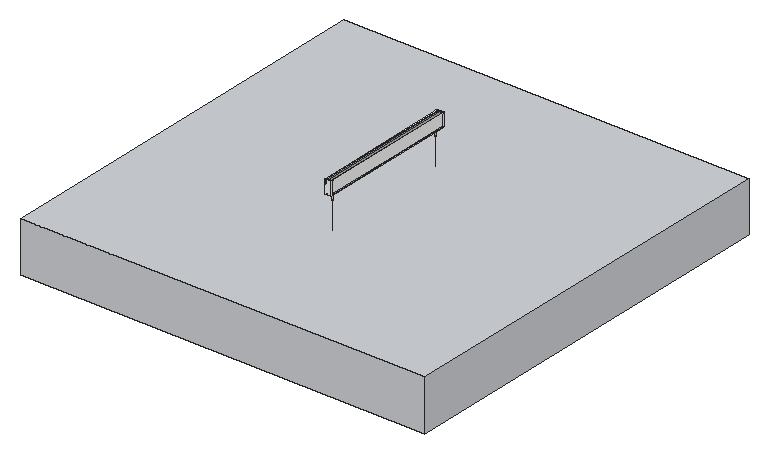
Revit family "LAMP_FIL 35 840MM D-I OPAL COMFORT", category Luminarias, Revit 2018
Family settings
  Anfitrión = Cara
  Cota de conector redondo = Diámetro de uso
  Tipo de pieza = Normal
  Corte con vacíos al cargar = No
  Origen de luz = Sí
  Compartido = No
  Punto de cálculo de habitación = No
Parameters (values of type "1584LM 3000K DALI BLACK")
  Ángulo de inclinación = -90.00°
  Weight = 1.97 kg
  Wattage = 10.14 W
  Type = "MID POWER TRIDONIC"
  built-in parameter 1150107 = 3000 (stored number, unit not read)
  NOT COVER 2 [instance] = not(END COVER 2)  # no
  NOT COVER 1 [instance] = not(END COVER 1)  # no
  Indirect light = LAMP_FIL 35 840MM D-I OPAL COMFORT_I : 3000K
  END COVER 2 [instance] = yes
  END COVER 1 [instance] = yes
  Suspension distance [instance] = if(Suspension > 4000 mm, 4000 mm, if(Suspension < 1 mm, 1 mm, Suspension))  # 200 mm
  Suspension [instance] = 200 mm
  built-in parameter 1150110 = 1 (stored number, unit not read)
  built-in parameter 1150109 = 1 (stored number, unit not read)
  built-in parameter 1150112 = 1 (stored number, unit not read)
  built-in parameter 1150113 = 1 (stored number, unit not read)
  built-in parameter 1114218 = 1 (stored number, unit not read)
  Protection rating = "IP20 / IK07"
  Product datasheet = "http://www.lamp.es/product-files/TECH/F31SF084LOIC830NB-EN.pdf"
  Product code = "F31SF084LOIC830NB"
  Product URL = "https://www.lamp.es/en/family/fil-35_413911"
  Power Supply = "220-240V 50/60Hz"
  Power = 14 W
  Plum = 16.9 W
  Photobiological risk = ""
  built-in parameter 1150137 = (empty or 0)
  built-in parameter 1150132 = 2
  Modelo = Product code  # "F31SF084LOIC830NB"
  Model Explanation = ""
  Material suspension = LAMP_Acero genérico
  Material perfil = LAMP_Aluminio Perfil Fil NG
  Material difusor = LAMP_PC Difusor Opal Fil
  Manufacturer name = "LAMP"
  Manufacturer country = "Spain"
  Manufacturer URL = "http://www.lamp.es/en"
  MacAdam = "3"
  Longitud de línea de emisión = 840 mm
  Last update = "14/05/2021"
  Lamp = "MID-POWER LED"
  LED Lifetime = "50.000 L90 B10"
  built-in parameter 1150105 = 367.07 (stored number, unit not read)
  built-in parameter 1150102 = (empty or 0)
  Insulation class = "I"
  Installation instructions = "https://www.lamp.es/product-files/INS/1004590-A%20INSTR.%20FIL35.pdf"
  built-in parameter 1150106 = 3.6707 (stored number, unit not read)
  IEE = "A+"
  Gear = "Electronic"
  Lumens = 950.118 lm
  Finish = "Matte black RAL 9011"
  Color Filter = 16777215
  built-in parameter 1114217 = 1 (stored number, unit not read)
  built-in parameter 1150139 = (empty or 0)
  Fabricante = Manufacturer name  # "LAMP"
  Default Elevation = 1219.2 mm
  built-in parameter 1150104 = 8.705 (stored number, unit not read)
  Efficacy = 93.7 lm/W
  Dimensions = "840x35x80"
  Descripción = "FIL35 SUR 840 2200 WW D/I COMF BK."
  built-in parameter 1150115 = 1 (stored number, unit not read)
  built-in parameter 1150114 = 1 (stored number, unit not read)
  built-in parameter 1150138 = (empty or 0)
  built-in parameter 1150134 = 3
  Dimming Lamp Color Temperature Shift = (empty or 0)
  CRI = "80"
  Archivo de red fotométrica = "F31SF084LOIC830NG_D.IES"
  built-in parameter 1150133 = 10 (stored number, unit not read)
Types (12, lengths in mm): name | built-in parameter 1150107 | Indirect light | Product datasheet | Product code | Modelo | Material perfil | built-in parameter 1150105 | built-in parameter 1150106 | Lumens | Finish | built-in parameter 1150104 | Efficacy | Descripción | Archivo de red fotométrica
  1584LM 3000K DALI BLACK | 3000 (stored number, unit not read) | LAMP_FIL 35 840MM D-I OPAL COMFORT_I : 3000K | "http://www.lamp.es/product-files/TECH/F31SF084LOIC830NB-EN.pdf" | "F31SF084LOIC830NB" | "F31SF084LOIC830NB" | LAMP_Aluminio Perfil Fil NG | 367.07 (stored number, unit not read) | 3.6707 (stored number, unit not read) | 950.118 lm | "Matte black RAL 9011" | 8.705 (stored number, unit not read) | 93.7 lm/W | "FIL35 SUR 840 2200 WW D/I COMF BK." | "F31SF084LOIC830NG_D.IES"
  1584LM 3000K DALI GREY | 3000 (stored number, unit not read) | LAMP_FIL 35 840MM D-I OPAL COMFORT_I : 3000K | "http://www.lamp.es/product-files/TECH/F31SF084LOIC830NG-EN.pdf" | "F31SF084LOIC830NG" | "F31SF084LOIC830NG" | LAMP_Aluminio Perfil Fil GR | 367.07 (stored number, unit not read) | 3.6707 (stored number, unit not read) | 950.118 lm | "Gloss grey" | 8.705 (stored number, unit not read) | 93.7 lm/W | "FIL35 SUR 840 2200 WW D/I COMF GR." | "F31SF084LOIC830NG_D.IES"
  1584LM 3000K DALI WHITE | 3000 (stored number, unit not read) | LAMP_FIL 35 840MM D-I OPAL COMFORT_I : 3000K | "http://www.lamp.es/product-files/TECH/F31SF084LOIO830DB-EN.pdf" | "F31SF084LOIO830DB" | "F31SF084LOIO830DB" | LAMP_Aluminio Perfil Fil BL | 367.07 (stored number, unit not read) | 3.6707 (stored number, unit not read) | 950.118 lm | "Matte black RAL 9011" | 8.705 (stored number, unit not read) | 99 lm/W | "FIL35 SUR 840 2200 WW D/I OPAL DALI BK." | "F31SF084LOIC830NG_D.IES"
  1673LM 3000K  BLACK | 3000 (stored number, unit not read) | LAMP_FIL 35 840MM D-I OPAL COMFORT_I : 3000K | "http://www.lamp.es/product-files/TECH/F31SF084LOIO830DG-EN.pdf" | "F31SF084LOIO830DG" | "F31SF084LOIO830DG" | LAMP_Aluminio Perfil Fil NG | 367.07 (stored number, unit not read) | 3.6707 (stored number, unit not read) | 950.118 lm | "Gloss grey" | 8.705 (stored number, unit not read) | 99 lm/W | "FIL35 SUR 840 2200 WW D/I OPAL DALI GR." | "F31SF084LOIC830NG_D.IES"
  1673LM 3000K  GREY | 3000 (stored number, unit not read) | LAMP_FIL 35 840MM D-I OPAL COMFORT_I : 3000K | "http://www.lamp.es/product-files/TECH/F31SF084LOIO830DW-EN.pdf" | "F31SF084LOIO830DW" | "F31SF084LOIO830DW" | LAMP_Aluminio Perfil Fil GR | 367.07 (stored number, unit not read) | 3.6707 (stored number, unit not read) | 950.118 lm | "Matte white RAL 9010" | 8.705 (stored number, unit not read) | 99 lm/W | "FIL35 SUR 840 2200 WW D/I OPAL DALI WH." | "F31SF084LOIC830NG_D.IES"
  1673LM 3000K  WHITE | 3000 (stored number, unit not read) | LAMP_FIL 35 840MM D-I OPAL COMFORT_I : 3000K | "http://www.lamp.es/product-files/TECH/F31SF084LOIO830NW-EN.pdf" | "F31SF084LOIO830NW" | "F31SF084LOIO830NW" | LAMP_Aluminio Perfil Fil BL | 367.07 (stored number, unit not read) | 3.6707 (stored number, unit not read) | 950.118 lm | "Matte white RAL 9010" | 8.705 (stored number, unit not read) | 99 lm/W | "FIL35 SUR 840 2200 WW D/I OPAL WH." | "F31SF084LOIC830NG_D.IES"
  1761LM 4000K DALI BLACK | 4000 (stored number, unit not read) | LAMP_FIL 35 840MM D-I OPAL COMFORT_I : 4000K | "http://www.lamp.es/product-files/TECH/F31SF084LOIO840DB-EN.pdf" | "F31SF084LOIO840DB" | "F31SF084LOIO840DB" | LAMP_Aluminio Perfil Fil NG | 408.21 (stored number, unit not read) | 4.0821 (stored number, unit not read) | 1056.59 lm | "Matte black RAL 9011" | 9.6805 (stored number, unit not read) | 104.2 lm/W | "FIL35 SUR 840 2200 NW D/I OPAL DALI BK." | "F31SF084LOIO840NB_D.IES"
  1761LM 4000K DALI GREY | 4000 (stored number, unit not read) | LAMP_FIL 35 840MM D-I OPAL COMFORT_I : 4000K | "http://www.lamp.es/product-files/TECH/F31SF084LOIO840DG-EN.pdf" | "F31SF084LOIO840DG" | "F31SF084LOIO840DG" | LAMP_Aluminio Perfil Fil GR | 408.21 (stored number, unit not read) | 4.0821 (stored number, unit not read) | 1056.59 lm | "Gloss grey" | 9.6805 (stored number, unit not read) | 104.2 lm/W | "FIL35 SUR 840 2200 NW D/I OPAL DALI GR." | "F31SF084LOIO840NB_D.IES"
  1761LM 4000K DALI WHITE | 4000 (stored number, unit not read) | LAMP_FIL 35 840MM D-I OPAL COMFORT_I : 4000K | "http://www.lamp.es/product-files/TECH/F31SF084LOIO840DW-EN.pdf" | "F31SF084LOIO840DW" | "F31SF084LOIO840DW" | LAMP_Aluminio Perfil Fil BL | 408.21 (stored number, unit not read) | 4.0821 (stored number, unit not read) | 1056.59 lm | "Matte white RAL 9010" | 9.6805 (stored number, unit not read) | 104.2 lm/W | "FIL35 SUR 840 2200 NW D/I OPAL DALI WH." | "F31SF084LOIO840NB_D.IES"
  1761LM 4000K  BLACK | 4000 (stored number, unit not read) | LAMP_FIL 35 840MM D-I OPAL COMFORT_I : 4000K | "http://www.lamp.es/product-files/TECH/F31SF084LOIO840NB-EN.pdf" | "F31SF084LOIO840NB" | "F31SF084LOIO840NB" | LAMP_Aluminio Perfil Fil NG | 408.21 (stored number, unit not read) | 4.0821 (stored number, unit not read) | 1056.59 lm | "Matte black RAL 9011" | 9.6805 (stored number, unit not read) | 104.2 lm/W | "FIL35 SUR 840 2200 NW D/I OPAL BK." | "F31SF084LOIO840NB_D.IES"
  1761LM 4000K  GREY | 4000 (stored number, unit not read) | LAMP_FIL 35 840MM D-I OPAL COMFORT_I : 4000K | "http://www.lamp.es/product-files/TECH/F31SF084LOIO840NG-EN.pdf" | "F31SF084LOIO840NG" | "F31SF084LOIO840NG" | LAMP_Aluminio Perfil Fil GR | 408.21 (stored number, unit not read) | 4.0821 (stored number, unit not read) | 1056.59 lm | "Gloss grey" | 9.6805 (stored number, unit not read) | 104.2 lm/W | "FIL35 SUR 840 2200 NW D/I OPAL GR." | "F31SF084LOIO840NB_D.IES"
  1761LM 4000K  WHITE | 4000 (stored number, unit not read) | LAMP_FIL 35 840MM D-I OPAL COMFORT_I : 4000K | "http://www.lamp.es/product-files/TECH/F31SF084LOIO840NW-EN.pdf" | "F31SF084LOIO840NW" | "F31SF084LOIO840NW" | LAMP_Aluminio Perfil Fil BL | 408.21 (stored number, unit not read) | 4.0821 (stored number, unit not read) | 1056.59 lm | "Matte white RAL 9010" | 9.6805 (stored number, unit not read) | 104.2 lm/W | "FIL35 SUR 840 2200 NW D/I OPAL WH." | "F31SF084LOIO840NB_D.IES"
Reference planes
  plane 1 "Centro (Frontal/Posterior)": y = 0
  plane 2: z = 0
  plane 3 "Centro (Izquierda/Derecha)": x = 0
Forms (mm)
  Extrusion 1, solid
    sketch origin (0, 0, 0) x (1, 0, 0) y (0, 1, 0)
      loop
        line (-1219.2, 1219.2) -> (-1219.2, -1219.2) -> (1219.2, -1219.2) -> (1219.2, 1219.2) -> (-1219.2, 1219.2)
    from 0 to -304.8
  Extrusion 2, solid, material "LAMP_Aluminio Perfil Fil NG" <- "Material perfil"
    sketch origin (0, 0, 0) x (1, 0, 0) y (0, 0, 1)
      loop
        arc (17.75, 285.7) -> (16.75, 286.7) -> (15.75, 285.7) r 1
        line (15.75, 285.7) -> (15.75, 284.2) -> (13.95, 284.2) -> (13.95, 259) -> (0, 259) -> (-13.95, 259) -> (-13.95, 284.2) -> (-15.75, 284.2) -> (-15.75, 285.7)
        arc (-15.75, 285.7) -> (-16.75, 286.7) -> (-17.75, 285.7) r 1
        line (-17.75, 285.7) -> (-17.75, 206.5) -> (-16.75, 206.5) -> (-16.75, 209.7) -> (-12.5, 209.7) -> (-12.5, 207.7) -> (-14.8, 207.7) -> (-13.6, 206.5) -> (-11, 206.5) -> (-11, 214.5) -> (0, 214.5) -> (11, 214.5) -> (11, 206.5) -> (13.6, 206.5) -> (14.8, 207.7) -> (12.5, 207.7) -> (12.5, 209.7) -> (16.75, 209.7) -> (16.75, 206.5) -> (17.75, 206.5) -> (17.75, 285.7)
    from -420 to 420
  Extrusion 3, solid, material "LAMP_Acero genérico" <- "Material suspension"
    sketch origin (0, 0, 0) x (1, 0, 0) y (0, 0, 1)
      loop
        line (-12.5, 201) -> (-15.291, 208.272) -> (-13.251, 209.7) -> (-14.251, 209.7) -> (-16.291, 208.272) -> (-13.116, 200) -> (0, 200) -> (13.116, 200) -> (16.291, 208.272) -> (14.251, 209.7) -> (13.251, 209.7) -> (15.291, 208.272) -> (12.5, 201) -> (0, 201) -> (-12.5, 201)
    from -400 to -378
  Extrusion 4, solid, material "LAMP_Acero genérico" <- "Material suspension"
    sketch origin (0, -24, 0) x (1, 0, 0) y (0, 1, 0)
      loop
        circle (0, -365) r 5
    from 163.2 to 200
  Extrusion 5, solid, material "LAMP_Acero genérico" <- "Material suspension"
    sketch origin (0, 24, 0) x (1, 0, 0) y (0, 1, 0)
      loop
        circle (0, 365) r 5
    from 163.2 to 200
  Extrusion 6, solid, material "LAMP_Acero genérico" <- "Material suspension"
    sketch origin (0, 0, 0) x (1, 0, 0) y (0, 1, 0)
      loop
        circle (0, -389) r 1
    from 0 to 163.2
  Extrusion 7, solid, material "LAMP_Acero genérico" <- "Material suspension"
    sketch origin (0, 0, 0) x (1, 0, 0) y (0, 1, 0)
      loop
        circle (0, 389) r 1
    from 0 to 163.2
  Extrusion 8, solid, material "LAMP_PC Difusor Opal Fil" <- "Material difusor"
    sketch origin (0, 0, -200) x (1, 0, 0) y (0, 0, 1)
      loop
        line (-15.75, 484.2) -> (0, 484.2) -> (15.75, 484.2) -> (15.75, 486.7) -> (0, 486.7) -> (-15.75, 486.7) -> (-15.75, 484.2)
    from 420 to -420
  Extrusion 9, solid, material "LAMP_Acero genérico" <- "Material suspension"
    sketch origin (0, 0, 0) x (1, 0, 0) y (0, 0, -1)
      loop
        line (-12.5, -201) -> (0, -201) -> (12.5, -201) -> (15.291, -208.272) -> (13.251, -209.7) -> (14.251, -209.7) -> (16.291, -208.272) -> (13.116, -200) -> (0, -200) -> (-13.116, -200) -> (-16.291, -208.272) -> (-14.251, -209.7) -> (-13.251, -209.7) -> (-15.291, -208.272) -> (-12.5, -201)
    from -400 to -378
  Extrusion 10, solid, material "LAMP_PC Difusor Opal Fil" <- "Material difusor"
    sketch origin (0, 0, 0) x (1, 0, 0) y (0, 0, 1)
      loop
        line (-11, 214.5) -> (-11, 206.5) -> (-7.529, 206.5) -> (11, 206.5) -> (11, 214.5) -> (10, 214.5) -> (10, 207.5) -> (-10, 207.5) -> (-10, 214.5) -> (-11, 214.5)
    from 420 to -420
Lines and regions (mm)
  reference lines
    curve 1: line (0, -445.47, 200) -> (0, 544.53, 200)
Text (mm)
  text "Any modification of the parameters and properties of the LAMP BIM models must be executed and validated by the LAMP technical department.\nPhone: +34 93 736 68 00\nE-mail: lamp@lamp.es\n\nLAMP reserves the right to modify the technical specifications of its products." at (3279.264, 5298.162, -2684.539), in view "Preview"
Dimensions and locks
  "Suspension distance": level to curve 1
  locked: Extrusion 4 to Extrusion 4 at 36.8
  locked: Extrusion 5 to Extrusion 5 at 36.8
  aligned and locked: plane 2 to Extrusion 1
  aligned and locked: level to Extrusion 1
  aligned and locked: curve 1 to Extrusion 9
  aligned and locked: curve 1 to Extrusion 3
  aligned and locked: Extrusion 4 to curve 1
  aligned and locked: Extrusion 5 to curve 1
  aligned and locked: Extrusion 6 to Extrusion 4
  aligned and locked: Extrusion 7 to Extrusion 5
  aligned and locked: Extrusion 2 to Extrusion 9
  aligned and locked: Extrusion 10 to Extrusion 2
  aligned and locked: Extrusion 8 to Extrusion 2
  aligned and locked: imposter light to Extrusion 8
  aligned and locked: Extrusion 2 to nested 1
  aligned and locked: nested 2 to Extrusion 2
Automatic sketch dimensions
  Extrusion 1 sketch curve to Extrusion 1 sketch curve = 2438.4 mm  (x2)
  Extrusion 4 sketch curve to plane 3 "Centro (Izquierda/Derecha)" = 0 mm
  plane 1 "Centro (Frontal/Posterior)" to Extrusion 4 sketch curve = 389 mm
  Extrusion 5 sketch curve to plane 3 "Centro (Izquierda/Derecha)" = 0 mm
  plane 1 "Centro (Frontal/Posterior)" to Extrusion 5 sketch curve = 389 mm
  Extrusion 6 sketch curve to plane 3 "Centro (Izquierda/Derecha)" = 0 mm
  plane 1 "Centro (Frontal/Posterior)" to Extrusion 6 sketch curve = 389 mm
  Extrusion 7 sketch curve to plane 3 "Centro (Izquierda/Derecha)" = 0 mm
  plane 1 "Centro (Frontal/Posterior)" to Extrusion 7 sketch curve = 389 mm
  Extrusion 10 sketch curve to plane 3 "Centro (Izquierda/Derecha)" = 11 mm
  Extrusion 10 sketch curve to Extrusion 10 sketch curve = 1 mm  (x3)
  Extrusion 10 sketch curve to Extrusion 10 sketch curve = 2.471 mm
  plane 3 "Centro (Izquierda/Derecha)" to Extrusion 10 sketch curve = 10 mm
  level to Extrusion 10 sketch curve = 206.5 mm
  Extrusion 10 sketch curve to Extrusion 10 sketch curve = 7 mm  (x2)
  Extrusion 2 sketch curve to plane 3 "Centro (Izquierda/Derecha)" = 0 mm  (x2)
  Extrusion 2 sketch curve to Extrusion 2 sketch curve = 11 mm
  Extrusion 2 sketch curve to Extrusion 2 sketch curve = 1.5 mm  (x4)
  Extrusion 2 sketch curve to Extrusion 2 sketch curve = 1.1 mm  (x2)
  Extrusion 2 sketch curve to plane 3 "Centro (Izquierda/Derecha)" = 13.95 mm
  Extrusion 2 sketch curve to Extrusion 2 sketch curve = 1.2 mm  (x4)
  Extrusion 2 sketch curve to Extrusion 2 sketch curve = 1.8 mm  (x2)
  Extrusion 2 sketch curve to Extrusion 2 sketch curve = 1 mm  (x3)
  plane 3 "Centro (Izquierda/Derecha)" to Extrusion 2 sketch curve = 11 mm
  plane 3 "Centro (Izquierda/Derecha)" to Extrusion 2 sketch curve = 13.95 mm
  Extrusion 2 sketch curve to Extrusion 2 sketch curve = 1.95 mm
  level to Extrusion 2 sketch curve = 206.5 mm
  Extrusion 2 sketch curve to Extrusion 2 sketch curve = 0 mm  (x3)
  Extrusion 2 sketch curve to Extrusion 2 sketch curve = 2 mm  (x2)
  Extrusion 2 sketch curve to Extrusion 2 sketch curve = 4.8 mm
  Extrusion 2 sketch curve to Extrusion 2 sketch curve = 44.5 mm
  Extrusion 2 sketch curve to Extrusion 2 sketch curve = 25.2 mm
  Extrusion 2 sketch curve to Extrusion 2 sketch curve = 26.7 mm
  Extrusion 8 sketch curve to plane 3 "Centro (Izquierda/Derecha)" = 0 mm  (x2)
  Extrusion 8 sketch curve to Extrusion 8 sketch curve = 15.75 mm
  plane 3 "Centro (Izquierda/Derecha)" to Extrusion 8 sketch curve = 15.75 mm
  level to Extrusion 8 sketch curve = 284.2 mm
  Extrusion 9 sketch curve to plane 3 "Centro (Izquierda/Derecha)" = 0 mm  (x2)
  Extrusion 9 sketch curve to Extrusion 9 sketch curve = 12.5 mm
  Extrusion 9 sketch curve to Extrusion 9 sketch curve = 0.616 mm  (x2)
  Extrusion 9 sketch curve to Extrusion 9 sketch curve = 0.751 mm  (x2)
  Extrusion 9 sketch curve to Extrusion 9 sketch curve = 1 mm  (x5)
  Extrusion 9 sketch curve to Extrusion 9 sketch curve = 1.04 mm  (x2)
  plane 3 "Centro (Izquierda/Derecha)" to Extrusion 9 sketch curve = 12.5 mm
  level to Extrusion 9 sketch curve = 209.7 mm
  Extrusion 9 sketch curve to Extrusion 9 sketch curve = 0 mm  (x3)
  Extrusion 9 sketch curve to Extrusion 9 sketch curve = 1.428 mm  (x2)
  Extrusion 9 sketch curve to Extrusion 9 sketch curve = 7.272 mm
  Extrusion 3 sketch curve to plane 3 "Centro (Izquierda/Derecha)" = 0 mm  (x2)
  Extrusion 3 sketch curve to Extrusion 3 sketch curve = 12.5 mm
  Extrusion 3 sketch curve to Extrusion 3 sketch curve = 0.616 mm  (x2)
  Extrusion 3 sketch curve to Extrusion 3 sketch curve = 0.751 mm  (x2)
  Extrusion 3 sketch curve to Extrusion 3 sketch curve = 1 mm  (x5)
  Extrusion 3 sketch curve to Extrusion 3 sketch curve = 1.04 mm  (x2)
  plane 3 "Centro (Izquierda/Derecha)" to Extrusion 3 sketch curve = 12.5 mm
  level to Extrusion 3 sketch curve = 200 mm
  Extrusion 3 sketch curve to Extrusion 3 sketch curve = 7.272 mm  (x2)
  Extrusion 3 sketch curve to Extrusion 3 sketch curve = 0 mm  (x2)
  Extrusion 3 sketch curve to Extrusion 3 sketch curve = 1.428 mm  (x2)
  Extrusion 8 sketch curve to Extrusion 8 sketch curve = 2.5 mm
  plane 1 "Centro (Frontal/Posterior)" to curve 1 = 445.47 mm
  curve 1 to plane 1 "Centro (Frontal/Posterior)" = 544.53 mm
  radius of Extrusion 4 sketch curve = 5 mm
  radius of Extrusion 5 sketch curve = 5 mm
  radius of Extrusion 6 sketch curve = 1 mm
  radius of Extrusion 7 sketch curve = 1 mm
Nested families
  nested 1: "LAMP_FIL 35 END COVER SURFACE" at (0, -421.4, 206.5), visible <- "END COVER 1", type "Blanco"
  nested 2: "LAMP_FIL 35 END COVER SURFACE" at (0, 421.4, 206.5), visible <- "END COVER 2", type "Blanco"
  nested 3: "LAMP_FIL 35 840MM D-I OPAL COMFORT_I" at (0, 0.006, -1293.5), type "3000K"
Connectors
  electrical at (0, 389, 200)
    settings: on Extrusion 5, index 1, voltage 230 V, apparent load 0 VA, apparent load phase1 0 VA, apparent load phase2 0 VA, apparent load phase3 0 VA, power factor 1, load classification "Otro", number of poles 1, system type 31, power factor state 1, is connector primary yes, connector utility no, sub classification motor no, connector description ""
Definition of nested family "LAMP_FIL 35 END COVER SURFACE"
  Parameters (values of type "Blanco")
    Material tapa = none
  Reference planes
    plane 1 "Centro (Frontal/Posterior)": y = 0
    plane 2: z = 0
    plane 3 "Centro (Izquierda/Derecha)": x = 0
  Forms (mm)
    Extrusion 1, solid, material <- "Material tapa"
      sketch origin (0, 0, 0) x (0, -1, 0) y (0, 0, 1)
        loop
          line (0, 0) -> (1.4, 0) -> (1.4, 80.5) -> (-1.4, 80.5) -> (-1.4, 0) -> (0, 0)
      from -17.8 to 17.8
  Dimensions and locks
    aligned and locked: level to plane 2
Definition of nested family "LAMP_FIL 35 840MM D-I OPAL COMFORT_I"
  Parameters (values of type "3000K")
    Tilt Angle = -90.00°
    Wattage = 6.76 W
    built-in parameter 1150110 = 1 (stored number, unit not read)
    built-in parameter 1114217 = 1 (stored number, unit not read)
    built-in parameter 1150109 = 1 (stored number, unit not read)
    built-in parameter 1150134 = (empty or 0)
    built-in parameter 1150113 = 1 (stored number, unit not read)
    Lumens = 633.615 lm
    built-in parameter 1150115 = 1 (stored number, unit not read)
    built-in parameter 1150105 = 50.421 (stored number, unit not read)
    built-in parameter 1150137 = (empty or 0)
    built-in parameter 1150139 = (empty or 0)
    built-in parameter 1150112 = 1 (stored number, unit not read)
    built-in parameter 1150114 = 1 (stored number, unit not read)
    built-in parameter 1150132 = 2
    built-in parameter 1150102 = (empty or 0)
    built-in parameter 1150138 = (empty or 0)
    built-in parameter 1150107 = 3000 (stored number, unit not read)
    built-in parameter 1150106 = 0.50421 (stored number, unit not read)
    built-in parameter 1150104 = 8.7078 (stored number, unit not read)
    Dimming Lamp Color Temperature Shift = (empty or 0)
    Color Filter = 16777215
    built-in parameter 1114218 = 1 (stored number, unit not read)
    Photometric Web File = "F31SF084LOIC830NG_I.IES"
    built-in parameter 1150133 = 10 (stored number, unit not read)
  Types (3, lengths in mm): name | built-in parameter 1150134 | Lumens | built-in parameter 1150105 | built-in parameter 1150107 | built-in parameter 1150106 | built-in parameter 1150104 | Photometric Web File
    (no name) | (empty or 0) | 633.615 lm | 50.421 (stored number, unit not read) | 3000 (stored number, unit not read) | 0.50421 (stored number, unit not read) | 8.7078 (stored number, unit not read) | "F31SF084LOIC830NG_I.IES"
    3000K | (empty or 0) | 633.615 lm | 50.421 (stored number, unit not read) | 3000 (stored number, unit not read) | 0.50421 (stored number, unit not read) | 8.7078 (stored number, unit not read) | "F31SF084LOIC830NG_I.IES"
    4000K | 12 | 704.392 lm | 110.11 (stored number, unit not read) | 4000 (stored number, unit not read) | 1.1011 (stored number, unit not read) | 9.6805 (stored number, unit not read) | "F31SF084LOIO840NB_I.IES"
  Reference planes
    plane 1 "Eje de origen de luz (F/P)": y = 0
    plane 2: z = 0
    plane 3 "Eje de origen de luz (I/D)": x = 0
    plane 4 "Elevación de origen de luz": z = 1500
  Dimensions and locks
    aligned and locked: plane 3 "Eje de origen de luz (I/D)" to imposter light
    aligned and locked: plane 1 "Eje de origen de luz (F/P)" to imposter light
    aligned and locked: plane 4 "Elevación de origen de luz" to imposter light
    aligned and locked: level to plane 2
